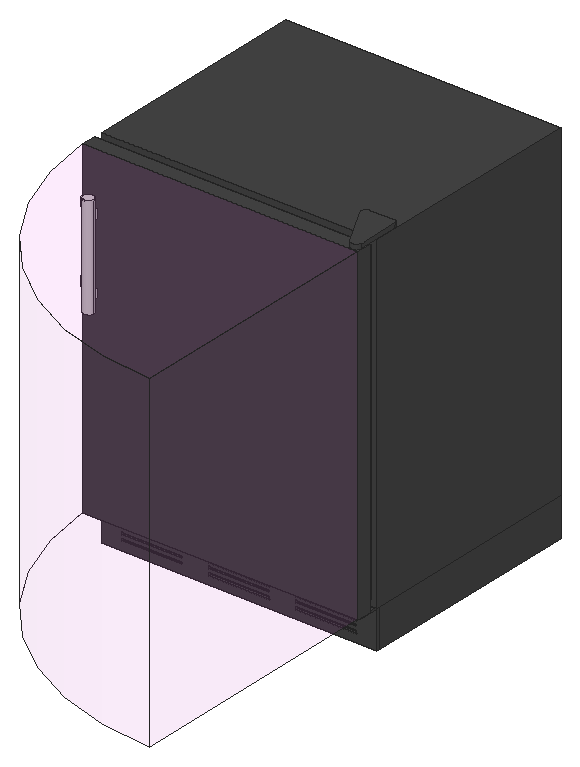
Revit family "QF_Summit_FF63BKBIADA_Built In Refrigerator ADA Compliant", category Specialty Equipment, Revit 2020
Family settings
  Round Connector Dimension = Use Diameter
  Part Type = Normal
  Work Plane-Based = No
  Always vertical = Yes
  Cut with Voids When Loaded = No
  Shared = No
  Room Calculation Point = No
Parameters
  Weight in Pounds = 100
  Watts = Volts * FL Amps  # 161 W
  Volts = 115 V
  URL Cutsheet = ""
  Specification by User = ""
  Specification by Manufacturer = ""
  Show LHD [instance] = no
  Right Hinged Door [instance] = not(Show LHD)  # yes
  Serial Number = ""
  Seismic Rating = ""
  SMACNA No = ""
  Revision Code = ""
  Refrigerant Volume = 0.00 kip
  Refrigerant Type = "R600a"
  Phase = 1
  Number of Poles = 1
  NAFEM Spec ID Number = ""
  Model = "FF63BKBIADA"
  Min Ckt Ampacity = 0 A
  Max Overcurrent Protection = 0 A
  Masterspec = ""
  Manufacturer = "Summit"
  Length = 23 5/8"
  Item Number = ""
  Installed By = ""
  Identify Quantity as Lot = yes
  Height = 32 3/8"
  HP = ""
  Furnished By = ""
  Foodservice Equipment Identifier = yes
  FL Amps = 1.4 A
  Electrical Remarks = ""
  Electric Connection Type = ""
  Elec Conn RI Height = 0"
  Elec Conn Connection Height = 0"
  Description = "Built In Refrigerator ADA Compliant"
  Depth = 23"
  Default Elevation = 0"
  Cycle = 60 Hz
  Conn Plug = ""
  Conn Conduit = yes
  CSI MasterFormat = ""
  BTUH = 0.0 Btu/h
  Apparent Power = if(Phase = 3, Volts * FL Amps * 1.73, Volts * FL Amps)  # 161 VA
Reference planes (in)
  plane 1 "BACK": y = 0
  plane 2: z = 0
  plane 3 "LEFT": x = 0
  plane 4 "RIGHT": x = 23.625
  plane 5 "FRONT": y = -23
  plane 6 "TOP": z = 32.375
  plane 7 "Center Y": x = 11.8125
  plane 8 "Center X": y = -11.5
  plane 9: z = 32
  plane 10: y = -24.625
  plane 11: y = -45.375
  plane 12: y = -1.25
  plane 13: y = -21
  plane 14: z = 0.375
  plane 15: z = 3.625
  plane 16: x = 17.46169
Forms (in)
  Extrusion 1, solid, material "QF_Metallic_Paint_Black_Glossy"
    sketch origin (-4.07558, -180, 0.5) x (-1, 0, 0) y (0, -1, 0)
      loop
        line (-4.07558, -178.75) -> (-4.07558, -159) -> (-27.70058, -159) -> (-27.70058, -178.75) -> (-4.07558, -178.75)
    from 3.125 to 31.5
  Extrusion 2, solid, material "QF_Metallic_Paint_Black_Glossy"
    sketch origin (-5.77638, -180.6239, 3.75) x (-1, 0, 0) y (0, -1, 0)
      loop
        line (-5.77638, -157.625) -> (-29.40138, -157.625) -> (-29.40138, -158.875) -> (-5.77638, -158.875) -> (-5.77638, -157.625)
    from -0.125 to 28.25
  Extrusion 3, solid, material "QF_Metallic_Paint_Black_Glossy"
    sketch origin (23.5, -21.7489, 3.75) x (-1, 0, 0) y (0, 0, 1)
      loop
        line (0.375, 0.375) -> (23, 0.375) -> (23, 27.75) -> (0.375, 27.75) -> (0.375, 0.375)
    from 0 to 0.7489
  Extrusion 4, solid, material "QF_Metallic_Paint_Black_Glossy", visible <- "Right Hinged Door"
    sketch origin (-5.77638, -180.6239, 32) x (-1, 0, 0) y (0, -1, 0)
      loop
        line (-26.55339, -161.37658) -> (-28.47012, -157.91871)
        arc (-28.47012, -157.91871) -> (-28.95386, -157.71088) -> (-29.27619, -158.12717) r 0.42999
        line (-29.27619, -158.12717) -> (-29.27619, -161.7403)
        arc (-29.27619, -161.7403) -> (-29.20297, -161.91708) -> (-29.02619, -161.9903) r 0.25
        line (-29.02619, -161.9903) -> (-26.9149, -161.9903)
        arc (-26.9149, -161.9903) -> (-26.55876, -161.78675) -> (-26.55339, -161.37658) r 0.41333
    from 0 to 0.375
  Extrusion 5, solid, material "QF_Metal_Stainless_Polished", visible <- "Right Hinged Door"
    sketch origin (-1.6459, -180.6239, 27.94544) x (-1, 0, 0) y (0, -1, 0)
      loop
        line (-1.6459, -158.625) -> (-1.5209, -158.625) -> (-1.5209, -157.55854) -> (-2.72981, -156.74311) -> (-3.38781, -156.74311) -> (-3.38781, -156.86811) -> (-2.76803, -156.86811) -> (-1.6459, -157.625) -> (-1.6459, -158.625)
    from 0 to -0.75
  Extrusion 6, solid, material "QF_Metal_Stainless_Polished", visible <- "Right Hinged Door"
    sketch origin (-4.89398, -180.6239, 20.125) x (-1, 0, 0) y (0, -1, 0)
      loop
        circle (-6.30689, -156.43406) r 0.43516
    from 0 to 8.75
  Extrusion 7, solid, material "QF_Metal_Stainless_Polished", visible <- "Right Hinged Door"
    sketch origin (-1.6459, -180.6239, 21.05456) x (0, 1, 0) y (1, 0, 0)
      loop
        line (158.625, 1.6459) -> (157.625, 1.6459) -> (156.86811, 2.76803) -> (156.86811, 3.38781) -> (156.74311, 3.38781) -> (156.74311, 2.72981) -> (157.55854, 1.5209) -> (158.625, 1.5209) -> (158.625, 1.6459)
    from 0 to -0.75
  Extrusion 8, solid, material "QF_Metallic_Paint_Black_Glossy", visible <- "Right Hinged Door"
    sketch origin (-5.77638, -180.5, 3.625) x (0, -1, 0) y (-1, 0, 0)
      loop
        line (-159.5, -29.27619) -> (-158.12717, -29.27619)
        arc (-158.12717, -29.27619) -> (-157.71088, -28.95386) -> (-157.91871, -28.47012) r 0.42999
        line (-157.91871, -28.47012) -> (-159.5, -27.5936) -> (-159.5, -29.27619)
    from 0 to 0.125
  Extrusion 9, solid, material "QF_Metallic_Paint_Black_Glossy"
    sketch origin (-12.48311, -21, 47.125) x (-1, 0, 0) y (0, 0, 1)
      loop
        line (-12.48311, -46.75) -> (-12.48311, -43.5) -> (-36.10811, -43.5) -> (-36.10811, -46.75) -> (-12.48311, -46.75)
      loop
        line (-14.18872, -44.25) -> (-19.43872, -44.25) -> (-19.43872, -44.5) -> (-14.18872, -44.5) -> (-14.18872, -44.25)
      loop
        line (-14.18872, -44.75) -> (-19.43872, -44.75) -> (-19.43872, -45) -> (-14.18872, -45) -> (-14.18872, -44.75)
      loop
        line (-14.18872, -45.25) -> (-19.43872, -45.25) -> (-19.43872, -45.5) -> (-14.18872, -45.5) -> (-14.18872, -45.25)
      loop
        line (-14.18872, -45.75) -> (-19.43872, -45.75) -> (-19.43872, -46) -> (-14.18872, -46) -> (-14.18872, -45.75)
      loop
        line (-21.67061, -44.25) -> (-26.92061, -44.25) -> (-26.92061, -44.5) -> (-21.67061, -44.5) -> (-21.67061, -44.25)
      loop
        line (-21.67061, -44.75) -> (-26.92061, -44.75) -> (-26.92061, -45) -> (-21.67061, -45) -> (-21.67061, -44.75)
      loop
        line (-21.67061, -45.25) -> (-26.92061, -45.25) -> (-26.92061, -45.5) -> (-21.67061, -45.5) -> (-21.67061, -45.25)
      loop
        line (-21.67061, -45.75) -> (-26.92061, -45.75) -> (-26.92061, -46) -> (-21.67061, -46) -> (-21.67061, -45.75)
      loop
        line (-34.40249, -44.25) -> (-34.40249, -44.5) -> (-29.15249, -44.5) -> (-29.15249, -44.25) -> (-34.40249, -44.25)
      loop
        line (-34.40249, -44.75) -> (-34.40249, -45) -> (-29.15249, -45) -> (-29.15249, -44.75) -> (-34.40249, -44.75)
      loop
        line (-34.40249, -45.25) -> (-34.40249, -45.5) -> (-29.15249, -45.5) -> (-29.15249, -45.25) -> (-34.40249, -45.25)
      loop
        line (-34.40249, -45.75) -> (-34.40249, -46) -> (-29.15249, -46) -> (-29.15249, -45.75) -> (-34.40249, -45.75)
    from 0 to 0.25
  Extrusion 10, solid, material "QF_Metallic_Paint_Black_Glossy"
    sketch origin (-12.48311, -1, 48.375) x (-1, 0, 0) y (0, 0, 1)
      loop
        line (-12.48311, -44.75) -> (-36.10811, -44.75) -> (-36.10811, -48) -> (-12.48311, -48) -> (-12.48311, -44.75)
    from -19.75 to -0.25
  Extrusion 11, solid, material "QF_Metallic_Paint_White_Smooth"
    sketch origin (23.625, -1, 0.375) x (0, 1, 0) y (1, 0, 0)
      loop
        circle (-18, -20.5146) r 0.5
      loop
        circle (-2.25, -20.5146) r 0.5
      loop
        circle (-18, -3.1104) r 0.5
      loop
        circle (-2.25, -3.1104) r 0.5
    from 0 to 0.375
  Extrusion 12, solid, material "QF_Metal_Stainless_Polished"
    sketch origin (0, -1.25, 0.5) x (1, 0, 0) y (0, 0, -1)
      loop
        circle (17.46169, -0.84684) r 0.25
    from 0 to 0.25
  Extrusion 13, solid, material "QF_Metallic_Paint_Black_Glossy"
    sketch origin (0, -0.75, 18) x (0, -1, 0) y (1, 0, 0)
      loop
        line (-0.75, 1) -> (0.5, 1) -> (0.5, 22.625) -> (-0.75, 22.625) -> (-0.75, 1)
    from -14.375 to 13.03445
  Extrusion 14, solid, material "QF_Clearances_Door_Drawer", visible <- "Right Hinged Door"
    sketch origin (-5.77638, -180.6239, 3.625) x (0, -1, 0) y (-1, 0, 0)
      loop
        line (-157.625, -29.40138) -> (-135.2489, -29.40138)
        arc (-135.2489, -29.40138) -> (-141.83082, -13.22625) -> (-157.625, -5.77638) r 24.03425
        line (-157.625, -5.77638) -> (-157.625, -29.40138)
    from 0 to -28.375
  Extrusion 15, solid, material "QF_Clearances_Door_Drawer", visible <- "Show LHD"
    sketch origin (29.40138, -180.6239, 3.625) x (0, 1, 0) y (1, 0, 0)
      loop
        line (157.625, -29.40138) -> (157.625, -5.77638)
        arc (157.625, -5.77638) -> (141.83082, -13.22625) -> (135.2489, -29.40138) r 24.03425
        line (135.2489, -29.40138) -> (157.625, -29.40138)
    from 0 to -28.375
  Extrusion 16, solid, material "QF_Metal_Stainless_Polished", visible <- "Show LHD"
    sketch origin (25.2709, -180.6239, 27.94544) x (1, 0, 0) y (0, 1, 0)
      loop
        line (-1.6459, 158.625) -> (-1.6459, 157.625) -> (-2.76803, 156.86811) -> (-3.38781, 156.86811) -> (-3.38781, 156.74311) -> (-2.72981, 156.74311) -> (-1.5209, 157.55854) -> (-1.5209, 158.625) -> (-1.6459, 158.625)
    from 0 to -0.75
  Extrusion 17, solid, material "QF_Metal_Stainless_Polished", visible <- "Show LHD"
    sketch origin (28.51898, -180.6239, 20.125) x (1, 0, 0) y (0, 1, 0)
      loop
        circle (-6.30689, 156.43406) r 0.43516
    from 0 to 8.75
  Extrusion 18, solid, material "QF_Metal_Stainless_Polished", visible <- "Show LHD"
    sketch origin (25.2709, -180.6239, 21.05456) x (0, -1, 0) y (-1, 0, 0)
      loop
        line (-158.625, 1.6459) -> (-158.625, 1.5209) -> (-157.55854, 1.5209) -> (-156.74311, 2.72981) -> (-156.74311, 3.38781) -> (-156.86811, 3.38781) -> (-156.86811, 2.76803) -> (-157.625, 1.6459) -> (-158.625, 1.6459)
    from 0 to -0.75
  Extrusion 19, solid, material "QF_Metallic_Paint_Black_Glossy", visible <- "Show LHD"
    sketch origin (29.40138, -180.6239, 32) x (1, 0, 0) y (0, 1, 0)
      loop
        arc (-26.55339, 161.37658) -> (-26.55876, 161.78675) -> (-26.9149, 161.9903) r 0.41333
        line (-26.9149, 161.9903) -> (-29.02619, 161.9903)
        arc (-29.02619, 161.9903) -> (-29.20297, 161.91708) -> (-29.27619, 161.7403) r 0.25
        line (-29.27619, 161.7403) -> (-29.27619, 158.12717)
        arc (-29.27619, 158.12717) -> (-28.95386, 157.71088) -> (-28.47012, 157.91871) r 0.42999
        line (-28.47012, 157.91871) -> (-26.55339, 161.37658)
    from 0 to 0.375
  Extrusion 20, solid, material "QF_Metallic_Paint_Black_Glossy", visible <- "Show LHD"
    sketch origin (29.40138, -180.5, 3.625) x (0, 1, 0) y (1, 0, 0)
      loop
        line (159.5, -29.27619) -> (159.5, -27.5936) -> (157.91871, -28.47012)
        arc (157.91871, -28.47012) -> (157.71088, -28.95386) -> (158.12717, -29.27619) r 0.42999
        line (158.12717, -29.27619) -> (159.5, -29.27619)
    from 0 to 0.125
Lines and regions (in)
  symbolic lines
    curve 1: line (0, -1.25, 0) -> (23.625, -1.25, 0)
    curve 2: line (0, -21, 0) -> (0, -1.25, 0)
    curve 3: line (23.625, -21, 0) -> (23.49982, -21, 0)
    curve 4: line (23.625, -1.25, 0) -> (23.625, -21, 0)
    curve 5: line (21.74854, -21, 0) -> (1.87646, -21, 0)
    curve 12: line (23.625, -22.9989, 0) -> (0, -22.9989, 0)
    curve 13: line (0, -21.7489, 0) -> (0, -22.9989, 0)
    curve 14: line (23.625, -21.7489, 0) -> (23.49982, -21.7489, 0)
    curve 15: line (23.625, -22.9989, 0) -> (23.625, -21.7489, 0)
    curve 16: line (22.16366, -21.7489, 0) -> (1.46134, -21.7489, 0)
    curve 28: line (1, -1.25, 0) -> (1, 0, 0)
    curve 29: line (1, 0, 0) -> (22.625, 0, 0)
    curve 30: line (22.625, 0, 0) -> (22.625, -1.25, 0)
    curve 53: line (0.12518, -21, 0) -> (0, -21, 0)
    curve 55: line (0.12518, -21.7489, 0) -> (0, -21.7489, 0)
  symbolic lines, visible <- "Right Hinged Door"
    curve 6: line (23.49982, -22.49673, 0) -> (23.49982, -18.8836, 0)
    curve 7: arc (23.49982, -18.8836, 0) -> (23.42659, -18.70682, 0) -> (23.24982, -18.6336, 0) r 0.25
    curve 8: line (23.24982, -18.6336, 0) -> (21.13852, -18.6336, 0)
    curve 9: arc (21.13852, -18.6336, 0) -> (20.78238, -18.83715, 0) -> (20.77701, -19.24732, 0) r 0.41333
    curve 10: line (20.77701, -19.24732, 0) -> (22.69374, -22.70519, 0)
    curve 11: arc (22.69374, -22.70519, 0) -> (23.17748, -22.91302, 0) -> (23.49982, -22.49673, 0) r 0.42999
    curve 17: line (-0.125, -21.9989, 0) -> (-0.125, -23.06536, 0)
    curve 18: line (-0.125, -23.06536, 0) -> (1.08391, -23.88078, 0)
    curve 19: arc (0.97776, -24.18984, 0) -> (1.41291, -24.625, 0) -> (1.84807, -24.18984, 0) r 0.43516
    curve 20: line (1.74192, -23.75578, 0) -> (1.12213, -23.75578, 0)
    curve 21: line (1.12213, -23.75578, 0) -> (0, -22.9989, 0)
    curve 22: line (1.74192, -23.88078, 0) -> (1.74192, -23.75578, 0)
    curve 23: arc (1.84807, -24.18984, 0) -> (1.73137, -23.89328, 0) -> (1.44385, -23.75578, 0) r 0.43516
    curve 24: line (1.08391, -23.88078, 0) -> (1.10657, -23.88078, 0)
    curve 25: line (1.71926, -23.88078, 0) -> (1.74192, -23.88078, 0)
    curve 26: arc (1.38198, -23.75578, 0) -> (1.09446, -23.89328, 0) -> (0.97776, -24.18984, 0) r 0.43516
    curve 27: line (0.5, -21.7489, 0) -> (0.5, -21, 0)
    curve 32: line (-0.125, -21.9989, 0) -> (0, -21.9989, 0)
    curve 54: line (1.87646, -21, 0) -> (0.12518, -21, 0)
    curve 56: line (1.46134, -21.7489, 0) -> (0.12518, -21.7489, 0)
  symbolic lines, style "QF_Clearances_Door_Drawer", visible <- "Right Hinged Door"
    curve 31: line (23.625, -22.9989, 0) -> (3.82025, -34.43318, 0)
    curve 33: arc (3.82025, -34.43318, 0) -> (1.20686, -29.03479, 0) -> (0.01147, -23.15741, 0) r 24.03425
  symbolic lines, visible <- "Show LHD"
    curve 34: line (0.12518, -22.49673, 0) -> (0.12518, -18.8836, 0)
    curve 35: arc (0.12518, -18.8836, 0) -> (0.19841, -18.70682, 0) -> (0.37518, -18.6336, 0) r 0.25
    curve 36: line (0.37518, -18.6336, 0) -> (2.48648, -18.6336, 0)
    curve 37: arc (2.48648, -18.6336, 0) -> (2.84262, -18.83715, 0) -> (2.84799, -19.24732, 0) r 0.41333
    curve 38: line (2.84799, -19.24732, 0) -> (0.93126, -22.70519, 0)
    curve 39: arc (0.93126, -22.70519, 0) -> (0.44752, -22.91302, 0) -> (0.12518, -22.49673, 0) r 0.42999
    curve 40: line (23.75, -21.9989, 0) -> (23.75, -23.06536, 0)
    curve 41: line (23.75, -23.06536, 0) -> (22.54109, -23.88078, 0)
    curve 42: arc (22.64724, -24.18984, 0) -> (22.21209, -24.625, 0) -> (21.77693, -24.18984, 0) r 0.43516
    curve 43: line (21.88308, -23.75578, 0) -> (22.50287, -23.75578, 0)
    curve 44: line (22.50287, -23.75578, 0) -> (23.625, -22.9989, 0)
    curve 45: arc (21.77693, -24.18984, 0) -> (21.89363, -23.89328, 0) -> (22.18115, -23.75578, 0) r 0.43516
    curve 46: arc (22.24302, -23.75578, 0) -> (22.53054, -23.89328, 0) -> (22.64724, -24.18984, 0) r 0.43516
    curve 48: line (23.75, -21.9989, 0) -> (23.625, -21.9989, 0)
    curve 50: line (22.54109, -23.88078, 0) -> (22.51843, -23.88078, 0)
    curve 51: line (21.88308, -23.75578, 0) -> (21.88308, -23.88078, 0)
    curve 52: line (21.90574, -23.88078, 0) -> (21.88308, -23.88078, 0)
    curve 57: line (23.125, -21.7489, 0) -> (23.125, -21, 0)
    curve 58: line (21.74854, -21, 0) -> (23.49982, -21, 0)
    curve 59: line (22.16366, -21.7489, 0) -> (23.49982, -21.7489, 0)
  symbolic lines, style "QF_Clearances_Door_Drawer", visible <- "Show LHD"
    curve 47: line (0, -22.9989, 0) -> (19.80475, -34.43318, 0)
    curve 49: arc (19.80475, -34.43318, 0) -> (22.41814, -29.03479, 0) -> (23.61353, -23.15741, 0) r 24.03425
Dimensions and locks (in)
  equal spacing: plane 3 "LEFT", plane 7 "Center Y", plane 4 "RIGHT"
  "Length": plane 3 "LEFT" to plane 4 "RIGHT"
  equal spacing: plane 5 "FRONT", plane 8 "Center X", plane 1 "BACK"
  "Depth": plane 5 "FRONT" to plane 1 "BACK"
  "Height": plane 6 "TOP" to level
  plane 4 "RIGHT" to plane 3 "LEFT" = 23 5/8"
  plane 6 "TOP" to plane 9 = 3/8"
  locked: plane 10 to plane 5 "FRONT" at 1.625
  plane 1 "BACK" to plane 12 = 1 1/4"
  plane 12 to plane 13 = 19 3/4"
  plane 9 to plane 2 = 32"
  plane 14 to plane 2 = 3/8"
  plane 15 to plane 14 = 3 1/4"
  plane 11 to plane 1 "BACK" = 45 3/8"
  aligned and locked: level to plane 2
Automatic sketch dimensions
  curve 19 to curve 23 = 0"  (x2)
  curve 19 to curve 26 = 0"  (x2)
  curve 23 to curve 26 = 0"  (x2)
  curve 42 to curve 45 = 0"  (x2)
  curve 42 to curve 46 = 0"  (x2)
  curve 45 to curve 46 = 0"  (x2)
  curve 47 to plane 3 "LEFT" = 0"
  curve 53 to plane 3 "LEFT" = 0"
  curve 53 to plane 13 = 0"
  curve 54 to plane 13 = 0"
  curve 28 to plane 12 = 0"
  plane 1 "BACK" to curve 29 = 0"
  curve 5 to plane 13 = 0"
  curve 58 to plane 13 = 0"
  curve 3 to plane 13 = 0"
  curve 48 to plane 4 "RIGHT" = 0"
  curve 1 to plane 4 "RIGHT" = 0"
  curve 17 to plane 3 "LEFT" = 1/8"
  curve 49 to plane 3 "LEFT" = 0.35216"
  plane 3 "LEFT" to curve 34 = 0.12518"
  curve 34 to curve 36 = 1/4"
  curve 34 to curve 39 = 0.42999"
  curve 38 to plane 5 "FRONT" = 0.29481"
  curve 39 to curve 38 = 0.37608"
  plane 3 "LEFT" to curve 29 = 1"
  plane 3 "LEFT" to curve 18 = 1.08391"
  plane 5 "FRONT" to curve 21 = 0.75578"
  curve 18 to curve 21 = 0.03822"
  curve 18 to curve 26 = 0.329"
  curve 16 to plane 13 = 0.7489"
  curve 39 to curve 16 = 0.53008"
  curve 19 to curve 20 = 0.329"
  curve 36 to curve 36 = 2.1113"
  plane 13 to curve 38 = 1.75268"
  plane 3 "LEFT" to curve 31 = 3.82025"
  curve 47 to plane 16 = 2.34306"
  plane 4 "RIGHT" to curve 10 = 2.84799"
  curve 9 to curve 9 = 0.36151"
  plane 10 to curve 52 = 0.74422"
  plane 4 "RIGHT" to curve 52 = 1.74192"
  curve 51 to curve 45 = 0.329"
  curve 42 to curve 44 = 0.29079"
  curve 43 to curve 50 = 0.01556"
  curve 50 to curve 50 = 0.02266"
  plane 4 "RIGHT" to curve 30 = 1"
  curve 10 to plane 5 "FRONT" = 0.29481"
  plane 4 "RIGHT" to curve 10 = 0.93126"
  curve 10 to curve 11 = 0.37608"
  plane 4 "RIGHT" to curve 7 = 0.37518"
  plane 4 "RIGHT" to curve 6 = 0.12518"
  curve 40 to plane 4 "RIGHT" = 1/8"
  curve 33 to plane 4 "RIGHT" = 0.35216"
  curve 52 to curve 41 = 0"
  curve 18 to curve 20 = 1/8"
  plane 10 to curve 26 = 0.43516"
  curve 45 to curve 52 = 0.30906"
  curve 47 to plane 10 = 9.80818"
  curve 31 to plane 10 = 9.80818"
  curve 22 to curve 20 = 1/8"
  curve 51 to curve 43 = 1/8"
  plane 5 "FRONT" to curve 17 = 0.06536"
  plane 5 "FRONT" to curve 41 = 0.06536"
  curve 44 to plane 5 "FRONT" = 0.0011"
  curve 6 to curve 40 = 0.49783"
  curve 39 to curve 32 = 0.49783"
  curve 32 to curve 13 = 1/4"
  curve 48 to curve 14 = 1/4"
  curve 49 to plane 13 = 0.34333"
  curve 33 to plane 13 = 0.34333"
  plane 13 to curve 10 = 1.75268"
  curve 9 to curve 9 = 0.20039"
  curve 37 to curve 37 = 0.20039"
  curve 55 to curve 27 = 0.37482"
  curve 19 to curve 18 = 0.10616"
  curve 56 to curve 16 = 0"
  curve 59 to curve 16 = 0"
  curve 57 to curve 3 = 0.37482"
  Extrusion 1 sketch curve to plane 4 "RIGHT" = 0"
  Extrusion 1 sketch curve to plane 3 "LEFT" = 0"
  Extrusion 1 sketch curve to plane 12 = 0"
  Extrusion 1 sketch curve to plane 13 = 0"
  Extrusion 2 sketch curve to plane 4 "RIGHT" = 0"
  Extrusion 2 sketch curve to plane 3 "LEFT" = 0"
  Extrusion 2 sketch curve to plane 13 = 0.7489"
  Extrusion 2 sketch curve to plane 5 "FRONT" = 0.0011"
  Extrusion 2 to Extrusion 3 sketch curve = 1/2"  (x3)
  Extrusion 3 sketch curve to Extrusion 2 = 1/2"
  Extrusion 4 sketch curve to Extrusion 2 = 0.12518"
  Extrusion 4 sketch curve to Extrusion 4 sketch curve = 1/4"
  Extrusion 4 sketch curve to Extrusion 4 sketch curve = 0.42999"
  Extrusion 4 sketch curve to Extrusion 2 = 0.29371"
  Extrusion 4 sketch curve to Extrusion 4 sketch curve = 0.37608"
  Extrusion 4 sketch curve to Extrusion 4 sketch curve = 2.1113"
  Extrusion 4 sketch curve to Extrusion 4 sketch curve = 0.36151"
  Extrusion 2 to Extrusion 4 sketch curve = 2.50158"
  Extrusion 4 sketch curve to Extrusion 4 sketch curve = 0.20039"
  Extrusion 5 sketch curve to plane 3 "LEFT" = 0"
  plane 3 "LEFT" to Extrusion 5 sketch curve = 1.08391"
  Extrusion 5 sketch curve to Extrusion 5 sketch curve = 0.03822"
  Extrusion 5 sketch curve to Extrusion 5 sketch curve = 0.61979"
  Extrusion 5 sketch curve to plane 3 "LEFT" = 1/8"
  Extrusion 5 sketch curve to plane 13 = 0.9989"
  Extrusion 5 sketch curve to plane 5 "FRONT" = 0.0011"
  plane 5 "FRONT" to Extrusion 5 sketch curve = 0.06536"
  plane 5 "FRONT" to Extrusion 5 sketch curve = 0.75578"
  Extrusion 5 sketch curve to Extrusion 5 sketch curve = 1/8"
  plane 10 to Extrusion 6 sketch curve = 0.43516"
  plane 3 "LEFT" to Extrusion 6 sketch curve = 1.41291"
  Extrusion 7 sketch curve to plane 3 "LEFT" = 0"
  plane 10 to Extrusion 7 sketch curve = 0.74422"
  Extrusion 7 sketch curve to Extrusion 7 sketch curve = 1/8"
  plane 5 "FRONT" to Extrusion 7 sketch curve = 0.06536"
  Extrusion 7 sketch curve to plane 5 "FRONT" = 0.0011"
  Extrusion 7 sketch curve to plane 3 "LEFT" = 1/8"
  Extrusion 7 sketch curve to plane 13 = 0.9989"
  plane 3 "LEFT" to Extrusion 7 sketch curve = 1.08391"
  Extrusion 7 sketch curve to Extrusion 7 sketch curve = 0.03822"
  Extrusion 7 sketch curve to Extrusion 7 sketch curve = 0.61979"
  Extrusion 2 to Extrusion 8 sketch curve = 0.12518"
  Extrusion 8 sketch curve to Extrusion 2 = 0.7489"
  Extrusion 2 to Extrusion 8 sketch curve = 0.62393"
  Extrusion 2 to Extrusion 8 sketch curve = 0.41761"
  Extrusion 8 sketch curve to Extrusion 8 sketch curve = 0.42999"
  Extrusion 8 sketch curve to Extrusion 8 sketch curve = 1.6826"
  plane 4 "RIGHT" to Extrusion 9 sketch curve = 0"
  Extrusion 9 sketch curve to plane 3 "LEFT" = 0"
  Extrusion 9 sketch curve to plane 14 = 0"
  Extrusion 9 sketch curve to plane 15 = 0"
  plane 4 "RIGHT" to Extrusion 9 sketch curve = 1.70562"
  plane 14 to Extrusion 9 sketch curve = 3/4"  (x3)
  Extrusion 9 sketch curve to Extrusion 9 sketch curve = 0"  (x18)
  plane 16 to Extrusion 9 sketch curve = 0.79231"
  Extrusion 9 sketch curve to Extrusion 9 sketch curve = 2.23188"  (x2)
  Extrusion 9 sketch curve to plane 7 "Center Y" = 2 5/8"
  plane 3 "LEFT" to Extrusion 9 sketch curve = 1.70562"
  Extrusion 9 sketch curve to Extrusion 9 sketch curve = 1/4"  (x21)
  plane 4 "RIGHT" to Extrusion 10 sketch curve = 0"
  Extrusion 10 sketch curve to plane 3 "LEFT" = 0"
  Extrusion 10 sketch curve to plane 14 = 0"
  Extrusion 10 sketch curve to plane 15 = 0"
  Extrusion 11 sketch curve to Extrusion 10 = 1 3/4"  (x2)
  Extrusion 11 sketch curve to Extrusion 10 = 2"  (x2)
  Extrusion 10 to Extrusion 11 sketch curve = 3.1104"  (x2)
  Extrusion 11 sketch curve to Extrusion 10 = 3.1104"  (x2)
  Extrusion 12 sketch curve to Extrusion 1 = 2.27816"
  Extrusion 12 sketch curve to Extrusion 1 = 6.16331"
  plane 1 "BACK" to Extrusion 13 sketch curve = 0"
  Extrusion 13 sketch curve to plane 12 = 0"
  plane 3 "LEFT" to Extrusion 13 sketch curve = 1"
  plane 4 "RIGHT" to Extrusion 13 sketch curve = 1"
  Extrusion 14 sketch curve to Extrusion 2 = 0"  (x3)
  Extrusion 14 sketch curve to Extrusion 2 = 0.40557"
  Extrusion 14 sketch curve to Extrusion 14 sketch curve = 22.3761"
  Extrusion 15 sketch curve to Extrusion 2 = 0"  (x3)
  Extrusion 15 sketch curve to Extrusion 15 sketch curve = 22.3761"
  Extrusion 15 sketch curve to Extrusion 2 = 0.35216"
  Extrusion 16 sketch curve to plane 4 "RIGHT" = 0"
  plane 4 "RIGHT" to Extrusion 16 sketch curve = 1.08391"
  Extrusion 16 sketch curve to Extrusion 16 sketch curve = 0.03822"
  Extrusion 16 sketch curve to Extrusion 16 sketch curve = 0.61979"
  Extrusion 16 sketch curve to plane 4 "RIGHT" = 1/8"
  plane 10 to Extrusion 16 sketch curve = 0.74422"
  Extrusion 16 sketch curve to Extrusion 16 sketch curve = 1/8"
  plane 5 "FRONT" to Extrusion 16 sketch curve = 0.06536"
  Extrusion 16 sketch curve to plane 5 "FRONT" = 0.0011"
  Extrusion 16 sketch curve to plane 13 = 0.9989"
  plane 10 to Extrusion 17 sketch curve = 0.43516"
  plane 4 "RIGHT" to Extrusion 17 sketch curve = 1.41291"
  Extrusion 18 sketch curve to plane 4 "RIGHT" = 0"
  Extrusion 18 sketch curve to plane 13 = 0.9989"
  Extrusion 18 sketch curve to plane 5 "FRONT" = 0.0011"
  plane 5 "FRONT" to Extrusion 18 sketch curve = 0.06536"
  plane 5 "FRONT" to Extrusion 18 sketch curve = 0.75578"
  Extrusion 18 sketch curve to Extrusion 18 sketch curve = 1/8"
  plane 4 "RIGHT" to Extrusion 18 sketch curve = 1.08391"
  Extrusion 18 sketch curve to Extrusion 18 sketch curve = 0.03822"
  Extrusion 18 sketch curve to Extrusion 18 sketch curve = 0.61979"
  Extrusion 18 sketch curve to plane 4 "RIGHT" = 1/8"
  Extrusion 19 sketch curve to Extrusion 2 = 0.12518"
  Extrusion 19 sketch curve to Extrusion 19 sketch curve = 1/4"
  Extrusion 19 sketch curve to Extrusion 19 sketch curve = 0.42999"
  Extrusion 19 sketch curve to Extrusion 2 = 0.29371"
  Extrusion 19 sketch curve to Extrusion 19 sketch curve = 0.37608"
  Extrusion 19 sketch curve to Extrusion 19 sketch curve = 2.1113"
  Extrusion 19 sketch curve to Extrusion 19 sketch curve = 0.36151"
  Extrusion 2 to Extrusion 19 sketch curve = 2.50158"
  Extrusion 19 sketch curve to Extrusion 19 sketch curve = 0.20039"
  Extrusion 2 to Extrusion 20 sketch curve = 0.41761"
  Extrusion 2 to Extrusion 20 sketch curve = 0.12518"
  Extrusion 2 to Extrusion 20 sketch curve = 0.62393"
  Extrusion 20 sketch curve to Extrusion 2 = 0.7489"
  Extrusion 20 sketch curve to Extrusion 20 sketch curve = 0.42999"
  Extrusion 20 sketch curve to Extrusion 20 sketch curve = 1.6826"
  radius of Extrusion 6 sketch curve = 0.43516"
  radius of Extrusion 11 sketch curve = 1/2"  (x4)
  radius of Extrusion 12 sketch curve = 1/4"
  radius of Extrusion 17 sketch curve = 0.43516"
Connectors (in)
  electrical at (17.46169, -1, 1.34684), driven by "Volts", driven by "Watts"
    settings: on Extrusion 12, index 7, voltage 115 V, apparent load 161 VA, apparent load phase1 0 VA, apparent load phase2 0 VA, apparent load phase3 0 VA, power factor 1, load classification "Other", number of poles 1, system type 30, power factor state 1, is connector primary yes, connector utility no, sub classification motor no, connector description ""
